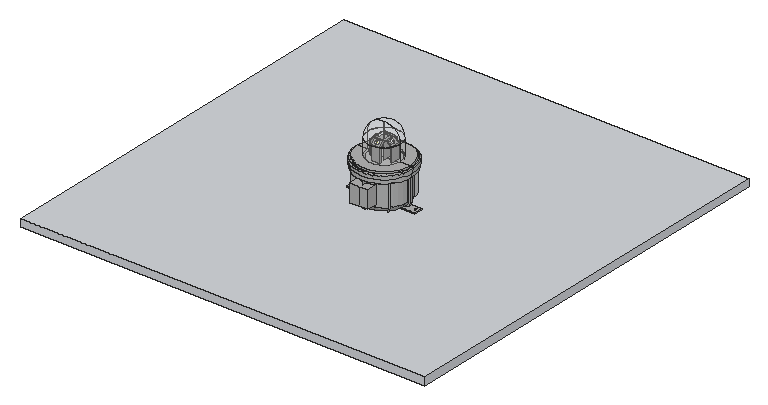
Revit family "238", category Lighting Fixtures, host Face, Revit 2014 (continued)
Automatic sketch dimensions
  Revolve 18 sketch curve to Revolve 18 sketch curve = 2.651 mm
  Revolve 18 sketch curve to Revolve 18 sketch curve = 0.556 mm
  Revolve 18 sketch curve to plane 10 = 106.581 mm
  Revolve 18 sketch curve to Revolve 18 sketch curve = 17.12 mm
  Revolve 18 sketch curve to Revolve 18 sketch curve = 0.00 mm  (x2)
  Revolve 18 sketch curve to Revolve 18 sketch curve = 23.58 mm
  plane 1 "Center (Front/Back)" to Revolve 19 sketch curve = 55.104 mm
  Revolve 19 sketch curve to Revolve 19 sketch curve = 0.574 mm  (x2)
  Revolve 19 sketch curve to Revolve 19 sketch curve = 2.642 mm
  Revolve 19 sketch curve to plane 7 = 137.598 mm
  Revolve 19 sketch curve to Revolve 19 sketch curve = 1.16 mm  (x2)
  Revolve 19 sketch curve to Revolve 19 sketch curve = 0.00 mm  (x3)
  plane 1 "Center (Front/Back)" to Revolve 20 sketch curve = 61.101 mm
  Revolve 20 sketch curve to Revolve 20 sketch curve = 0.863 mm  (x2)
  Revolve 20 sketch curve to Revolve 20 sketch curve = 5.274 mm
  Revolve 20 sketch curve to Revolve 20 sketch curve = 0.887 mm
  Revolve 20 sketch curve to Revolve 20 sketch curve = 2.651 mm
  Revolve 20 sketch curve to Revolve 20 sketch curve = 0.556 mm
  plane 10 to Revolve 20 sketch curve = 106.581 mm
  Revolve 20 sketch curve to Revolve 20 sketch curve = 17.12 mm
  Revolve 20 sketch curve to Revolve 20 sketch curve = 0.00 mm  (x2)
  Revolve 20 sketch curve to Revolve 20 sketch curve = 23.58 mm
  plane 1 "Center (Front/Back)" to Revolve 21 sketch curve = 55.104 mm
  Revolve 21 sketch curve to Revolve 21 sketch curve = 0.574 mm  (x2)
  Revolve 21 sketch curve to Revolve 21 sketch curve = 2.642 mm
  plane 7 to Revolve 21 sketch curve = 137.598 mm
  Revolve 21 sketch curve to Revolve 21 sketch curve = 1.16 mm  (x2)
  Revolve 21 sketch curve to Revolve 21 sketch curve = 0.00 mm  (x3)
  Revolve 22 sketch curve to plane 12 = 38.682 mm
  Revolve 22 sketch curve to Revolve 22 sketch curve = 0.863 mm
  Revolve 22 sketch curve to Revolve 22 sketch curve = 5.274 mm
  Revolve 22 sketch curve to Revolve 22 sketch curve = 0.887 mm
  Revolve 22 sketch curve to Revolve 22 sketch curve = 2.651 mm
  Revolve 22 sketch curve to Revolve 22 sketch curve = 0.556 mm  (x2)
  Revolve 22 sketch curve to plane 10 = 115.641 mm
  Revolve 22 sketch curve to plane 12 = 26.837 mm
  Revolve 22 sketch curve to Revolve 22 sketch curve = 0.00 mm  (x2)
  Revolve 22 sketch curve to Revolve 22 sketch curve = 23.58 mm
  Revolve 23 sketch curve to plane 12 = 44.68 mm
  Revolve 23 sketch curve to Revolve 23 sketch curve = 0.574 mm
  Revolve 23 sketch curve to Revolve 23 sketch curve = 2.642 mm
  Revolve 23 sketch curve to plane 10 = 115.24 mm
  Revolve 23 sketch curve to Revolve 23 sketch curve = 2.067 mm
  Revolve 23 sketch curve to Revolve 23 sketch curve = 1.16 mm  (x2)
  Revolve 23 sketch curve to Revolve 23 sketch curve = 0.00 mm  (x3)
  plane 11 to Revolve 24 sketch curve = 38.682 mm
  Revolve 24 sketch curve to Revolve 24 sketch curve = 0.863 mm  (x2)
  Revolve 24 sketch curve to Revolve 24 sketch curve = 5.274 mm
  Revolve 24 sketch curve to Revolve 24 sketch curve = 0.887 mm
  Revolve 24 sketch curve to Revolve 24 sketch curve = 2.651 mm
  Revolve 24 sketch curve to Revolve 24 sketch curve = 0.556 mm
  Revolve 24 sketch curve to plane 10 = 106.581 mm
  plane 11 to Revolve 24 sketch curve = 26.837 mm
  Revolve 24 sketch curve to Revolve 24 sketch curve = 0.00 mm  (x2)
  Revolve 24 sketch curve to Revolve 24 sketch curve = 23.58 mm
  plane 11 to Revolve 25 sketch curve = 44.68 mm
  Revolve 25 sketch curve to Revolve 25 sketch curve = 0.574 mm  (x2)
  Revolve 25 sketch curve to Revolve 25 sketch curve = 2.642 mm
  Revolve 25 sketch curve to plane 7 = 137.598 mm
  Revolve 25 sketch curve to Revolve 25 sketch curve = 1.16 mm  (x2)
  Revolve 25 sketch curve to Revolve 25 sketch curve = 0.00 mm  (x3)
  Revolve 26 sketch curve to plane 3 "Center (Left/Right)" = 15.403 mm
  Revolve 26 sketch curve to plane 10 = 111.722 mm
  Revolve 26 sketch curve to Revolve 26 sketch curve = 0.863 mm  (x2)
  Revolve 26 sketch curve to Revolve 26 sketch curve = 5.274 mm
  Revolve 26 sketch curve to Revolve 26 sketch curve = 0.887 mm
  Revolve 26 sketch curve to Revolve 26 sketch curve = 2.651 mm
  Revolve 26 sketch curve to Revolve 26 sketch curve = 0.556 mm
  Revolve 26 sketch curve to Revolve 26 sketch curve = 17.12 mm
  Revolve 26 sketch curve to Revolve 26 sketch curve = 0.00 mm  (x2)
  Revolve 26 sketch curve to Revolve 26 sketch curve = 23.58 mm
  Revolve 27 sketch curve to plane 3 "Center (Left/Right)" = 7.122 mm
  Revolve 27 sketch curve to plane 10 = 111.84 mm
  Revolve 27 sketch curve to Revolve 27 sketch curve = 0.574 mm  (x2)
  Revolve 27 sketch curve to Revolve 27 sketch curve = 2.642 mm
  Revolve 27 sketch curve to Revolve 27 sketch curve = 1.16 mm  (x2)
  Revolve 27 sketch curve to Revolve 27 sketch curve = 0.00 mm  (x3)
  plane 2 to Extrusion 28 sketch curve = 30.681 mm
  Extrusion 28 sketch curve to Extrusion 28 sketch curve = 15.00 mm
  Extrusion 28 sketch curve to Extrusion 28 sketch curve = 8.606 mm
  Extrusion 28 sketch curve to Extrusion 28 sketch curve = 18.271 mm
  plane 7 to Extrusion 28 sketch curve = 22.865 mm
  plane 7 to Extrusion 28 sketch curve = 14.015 mm
  plane 2 to Extrusion 29 sketch curve = 30.681 mm
  Extrusion 29 sketch curve to Extrusion 29 sketch curve = 15.00 mm
  Extrusion 29 sketch curve to Extrusion 29 sketch curve = 8.606 mm
  Extrusion 29 sketch curve to Extrusion 29 sketch curve = 18.271 mm
  plane 7 to Extrusion 29 sketch curve = 22.865 mm
  plane 7 to Extrusion 29 sketch curve = 14.015 mm
  plane 2 to Extrusion 30 sketch curve = 30.681 mm
  Extrusion 30 sketch curve to Extrusion 30 sketch curve = 15.00 mm
  Extrusion 30 sketch curve to Extrusion 30 sketch curve = 8.606 mm
  Extrusion 30 sketch curve to Extrusion 30 sketch curve = 18.271 mm
  plane 7 to Extrusion 30 sketch curve = 22.865 mm
  plane 7 to Extrusion 30 sketch curve = 14.015 mm
  plane 2 to Extrusion 31 sketch curve = 30.681 mm
  Extrusion 31 sketch curve to Extrusion 31 sketch curve = 15.00 mm
  Extrusion 31 sketch curve to Extrusion 31 sketch curve = 8.606 mm
  Extrusion 31 sketch curve to Extrusion 31 sketch curve = 18.271 mm
  plane 7 to Extrusion 31 sketch curve = 22.865 mm
  plane 7 to Extrusion 31 sketch curve = 14.015 mm
  radius of Extrusion 11 sketch curve = 7.00 mm  (x2)
Connectors
  electrical at (-51.533, 1.571, 27.529), driven by "Voltage", driven by "Apparent Load", driven by "Power Factor", driven by "Connector Description"
    settings: on Extrusion 3, index 1, voltage 120 V, apparent load 70 VA, apparent load phase1 0 VA, apparent load phase2 0 VA, apparent load phase3 0 VA, power factor 1, load classification "Other", number of poles 1, system type 30, power factor state 1, is connector primary yes, connector utility no, sub classification motor no, connector description "Lighting Connector"
